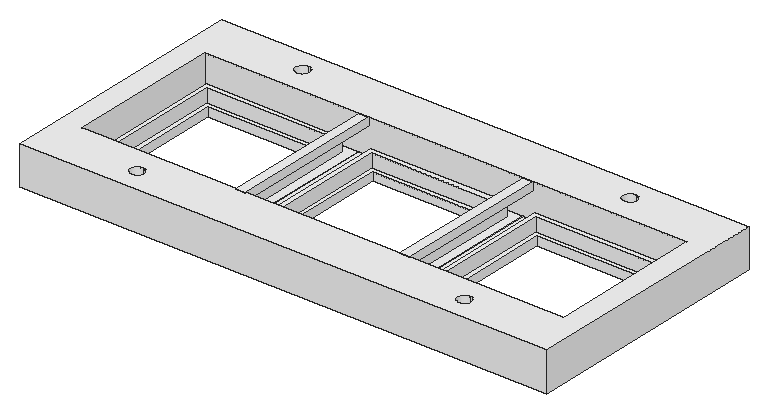
Revit family "Gira_021367", category Electrical Fixtures, host Face, Revit 2017
Family settings
  Host = Face
  Maintain Annotation Orientation = No
  Round Connector Dimension = Use Diameter
  Part Type = Normal
  Cut with Voids When Loaded = No
  Shared = No
  Room Calculation Point = No
Parameters (values of type "Cov.fr. 3-g Gira TX_44 (WP FM) anthra.")
  With mounting grid = "No"
  With hinged lid = "No"
  URL = "http://katalog.gira.de/en/datenblatt.html?artikelnr=021367"
  Type of fastening = "Clamp mounting"
  Transparent = "No"
  Surface protection = "Lacquered"
  Suitable for wall duct = "No"
  Suitable for flush-mounted installation = "Yes"
  Suitable for floor box = "No"
  Suitable for built-in installation = "No"
  Number of units vertical = "3"
  Number of units horizontal = "3"
  Number of units = "3"
  Name = "Cov.fr. 3-g Gira TX_44 (WP FM) anthra."
  Mounting direction = "Horizontal and vertical"
  Material quality = "Thermoplastic"
  Material = "Plastic"
  Manufacturer URL = "https://www.gira.de/"
  Manufacturer = "Gira"
  Label space/information surface = "No"
  Keynote = ""
  HeinzeBIM = "https://bimportal.heinze.de/bim/cov-fr-3-g-gira-tx-44-wp-fm-anthra-/36dce22646b4781c7f339e0e4aa810683e729ce5"
  Halogen free = "No"
  HAN = "021367"
  GTIN = "4010337213673"
  Description = "Cov.fr.3g TX_44 AN,Gira TX_44 cover frame,anthracite,3-gang,Features:,- Shatter-proof.,,Notes :,- Frames are easy to install without tools; disassembly requires a Torx screwdriver T9 or T10.,- Wall plug mounting is possible.,- Centre inserts safeguarded against disassembly."
  Degree of protection (IP) = "IP44"
  Default Elevation = 1219.2 mm
  Data sheet (1) = "https://katalog.gira.de/en/download.html?artikelnr=021367"
  Colour = "Anthracite"
  Category = "Cover frame for domestic switching devices"
  BIM (1) = "https://media.stage.bim.site/public/gira/36a6b08/TX44_Rahmen_3fach.rfa"
  Available = "No"
Reference planes
  plane 1 "Center (Front/Back)": y = 0
  plane 2: z = 0
  plane 3 "Center (Left/Right)": x = 0
  plane 4: x = -33.75
  plane 5: x = -37.75
  plane 6: x = 114.5
Forms (mm)
  Extrusion 1, solid, material "White", detail levels fine
    sketch origin (-71.591, 0, 0) x (0, -1, 0) y (1, 0, 0)
      loop
        line (-54.959, 186.091) -> (-54.959, -42.909) -> (54.959, -42.909) -> (54.959, 186.091) -> (-54.959, 186.091)
      loop
        line (-33.5, -33.5) -> (33.5, -33.5) -> (33.5, 176.683) -> (-33.5, 176.683) -> (-33.5, -33.5)
      loop
        circle (-45, -0.006) r 3
      loop
        circle (44.992, 0.001) r 3
      loop
        circle (-45, 142.594) r 3
      loop
        circle (44.992, 142.601) r 3
    from 0 to 16.9
  Extrusion 2, solid, material "White", detail levels fine
    sketch origin (-71.591, 0, 0) x (0, -1, 0) y (1, 0, 0)
      loop
        line (-25.5, 25.5) -> (-25.5, -25.5) -> (25.5, -25.5) -> (25.5, 25.5) -> (-25.5, 25.5)
      loop
        line (-33.5, 33.5) -> (-33.5, -33.5) -> (33.5, -33.5) -> (33.5, 33.5) -> (-33.5, 33.5)
    from -1.6 to 2
  Extrusion 3, solid, material "White", detail levels fine
    sketch origin (-71.591, 0, 0) x (0, -1, 0) y (1, 0, 0)
      loop
        line (-27.5, 27.5) -> (-27.5, -27.5) -> (27.5, -27.5) -> (27.5, 27.5) -> (-27.5, 27.5)
      loop
        line (-29.5, 29.5) -> (-29.5, -29.5) -> (29.5, -29.5) -> (29.5, 29.5) -> (-29.5, 29.5)
    from 2 to 7.8
  Extrusion 4, solid, material "White", detail levels coarse+medium
    sketch origin (-71.591, 0, 0) x (0, -1, 0) y (1, 0, 0)
      loop
        line (-54.959, 186.091) -> (-54.959, -42.909) -> (54.959, -42.909) -> (54.959, 186.091) -> (-54.959, 186.091)
    from -1.6 to 16.9
  Extrusion 5, solid, material "White", detail levels fine
    sketch origin (0.091, 0, 0) x (0, -1, 0) y (1, 0, 0)
      loop
        line (-25.5, 25.5) -> (-25.5, -25.5) -> (25.5, -25.5) -> (25.5, 25.5) -> (-25.5, 25.5)
      loop
        line (-33.5, 33.5) -> (-33.5, -33.5) -> (33.5, -33.5) -> (33.5, 33.5) -> (-33.5, 33.5)
    from -1.6 to 2
  Extrusion 6, solid, material "White", detail levels fine
    sketch origin (0.091, 0, 0) x (0, -1, 0) y (1, 0, 0)
      loop
        line (-27.5, 27.5) -> (-27.5, -27.5) -> (27.5, -27.5) -> (27.5, 27.5) -> (-27.5, 27.5)
      loop
        line (-29.5, 29.5) -> (-29.5, -29.5) -> (29.5, -29.5) -> (29.5, 29.5) -> (-29.5, 29.5)
    from 2 to 7.8
  Extrusion 7, solid, material "White", detail levels fine
    sketch origin (-71.591, 0, 0) x (0, -1, 0) y (1, 0, 0)
      loop
        line (-33.5, 38.183) -> (-33.5, 33.5) -> (33.5, 33.5) -> (33.5, 38.183) -> (-33.5, 38.183)
    from 0 to 2
  Extrusion 8, solid, material "White", detail levels fine
    sketch origin (-71.591, 0, 0) x (0, -1, 0) y (1, 0, 0)
      loop
        line (-33.5, 37.841) -> (-33.5, 33.841) -> (33.5, 33.841) -> (33.5, 37.841) -> (-33.5, 37.841)
    from 13.4 to 16.9
  Extrusion 9, solid, material "White", detail levels fine
    sketch origin (71.591, 0, 0) x (0, -1, 0) y (1, 0, 0)
      loop
        line (-25.5, 25.5) -> (-25.5, -25.5) -> (25.5, -25.5) -> (25.5, 25.5) -> (-25.5, 25.5)
      loop
        line (-33.5, 33.5) -> (-33.5, -33.5) -> (33.5, -33.5) -> (33.5, 33.5) -> (-33.5, 33.5)
    from -1.6 to 2
  Extrusion 10, solid, material "White", detail levels fine
    sketch origin (71.591, 0, 0) x (0, -1, 0) y (1, 0, 0)
      loop
        line (-27.5, 27.5) -> (-27.5, -27.5) -> (27.5, -27.5) -> (27.5, 27.5) -> (-27.5, 27.5)
      loop
        line (-29.5, 29.5) -> (-29.5, -29.5) -> (29.5, -29.5) -> (29.5, 29.5) -> (-29.5, 29.5)
    from 2 to 7.8
  Extrusion 11, solid, material "White", detail levels fine
    sketch origin (-0.091, 0, 0) x (0, -1, 0) y (1, 0, 0)
      loop
        line (-33.5, 38.183) -> (-33.5, 33.683) -> (33.5, 33.683) -> (33.5, 38.183) -> (-33.5, 38.183)
    from 0 to 2
  Extrusion 12, solid, material "White", detail levels fine
    sketch origin (-0.091, 0, 0) x (0, -1, 0) y (1, 0, 0)
      loop
        line (-33.5, 37.841) -> (-33.5, 33.841) -> (33.5, 33.841) -> (33.5, 37.841) -> (-33.5, 37.841)
    from 13.4 to 16.9
Dimensions and locks
  aligned and locked: plane 2 to host face
  aligned and locked: level to host face
